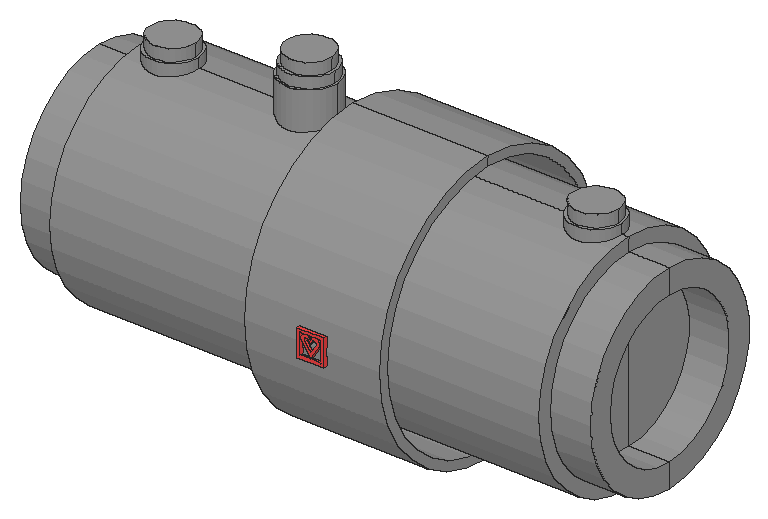
Revit family "Systemtrenner 0307 IG-IG", category Rohrzubehör, Revit 2021
Family settings
  Bemaßung runder Anschluss = Durchmesser verwenden
  Teiletyp = Unterbricht
  OmniClass-Nummer = 23.65.55.14
  OmniClass-Titel = Valves for Liquid Services
  Arbeitsebenenbasiert = Nein
  Immer vertikal = Ja
  Beim Laden mit Abzugskörper schneiden = Nein
  Gemeinsam genutzt = Nein
Parameters (values of type "IG-IG DN50-DN50")
  Vorgabe-Ansicht = 0.000 mm
  URL = "www.herz-armaturen.at"
  SCTWSEQ = "AW;SBT_TYP_AW=\"104\";2"
  SCTWCODE = "04;12;02"  # constant formula
  S03 = 15.000 mm  # constant formula
  S02 = 45.000 mm  # constant formula
  S01 = 98.000 mm  # constant formula
  Nennweite Ein [instance] = if(IG_IG_DN40_DN40, 40.000 mm, if(IG_IG_DN40_DN50, 40.000 mm, if(IG_IG_DN50_DN40, 50.000 mm, if(IG_IG_DN50_DN50, 50.000 mm, 0.000 mm))))  # 50.000 mm
  Nennweite Aus [instance] = if(IG_IG_DN40_DN40, 40.000 mm, if(IG_IG_DN40_DN50, 50.000 mm, if(IG_IG_DN50_DN40, 40.000 mm, if(IG_IG_DN50_DN50, 50.000 mm, 0.000 mm))))  # 50.000 mm
  Medium = "Wasser (ohne Dampf)"
  Max. Betriebstemperatur (Kurzzeitig) = 80 °C  # constant formula
  Max. Betriebstemperatur = 65 °C  # constant formula
  Max. Betriebsdruck = 1000000.0 Pa  # constant formula
  L08 = 45.000 mm  # constant formula
  L07 = 24.500 mm  # constant formula
  L06 = 70.000 mm  # constant formula
  L05 = 28.000 mm  # constant formula
  L04 = 13.500 mm  # constant formula
  L03 = 84.500 mm  # constant formula
  L02 = 18.000 mm  # constant formula
  L01 = 190.000 mm  # constant formula
  Hinweis = "Gemäß Art 33 der REACH-Verordnung (EG Nr. 1907/2006) sind wir verpflichtet, darauf hinzuweisen, dass der Stoff Blei auf der SVHC-Liste geführt wird und dass alle aus Messing bestehenden Bauteile, die in unseren Erzeugnissen verarbeitet sind, mehr als 0,1 % (w/w) Blei (CAS: 7439-92-1 / EINECS: 231-100-4) enthalten.\r\nDa Blei als Legierungsbestandteil fest gebunden ist, sind keine Expositionen zu erwarten und daher sind keine zusätzlichen Angaben zur sicheren Verwendung notwendig."
  Hersteller = "HERZ Armaturen Ges.m.b.H."  # constant formula
  Gehäuse = "Edelstahl"  # constant formula
  Einbaulage = "waagrecht oder senkrecht nach unten zeigend"  # constant formula
  D04 [instance] = if(IG_IG_DN40_DN40, 28.000 mm, if(IG_IG_DN40_DN50, 33.000 mm, if(IG_IG_DN50_DN40, 28.000 mm, if(IG_IG_DN50_DN50, 33.000 mm, 0.000 mm))))  # 33.000 mm
  D03 [instance] = if(IG_IG_DN40_DN40, 28.000 mm, if(IG_IG_DN40_DN50, 28.000 mm, if(IG_IG_DN50_DN40, 33.000 mm, if(IG_IG_DN50_DN50, 33.000 mm, 0.000 mm))))  # 33.000 mm
  D02 = 45.000 mm  # constant formula
  D01 = 37.500 mm  # constant formula
  Bestellnummer [instance] = if(IG_IG_DN40_DN40, "I030701", if(IG_IG_DN40_DN50, "I030709", if(IG_IG_DN50_DN40, "I030713", if(IG_IG_DN50_DN50, "I030705", "0"))))  # "I030705"
  Ausführung = "Der Systemtrenner wurde nach der Norm DIN EN 1717 entwickelt.\r\nLaut dieser Norm ist die Wasserqualität je nach Grad der Verschmutzung in 5 Klassen eingeteilt.\r\nDer Systemtrenner Typ BA erlaubt eine Absicherung gegen Nichttrinkwasser bis zur Gefahrenklasse 4, der höchsten Gefahrenklasse, die mit einer Armatur abgesichert werden kann.\r\nEine niedrigere Absicherung eines Standrohres als mit einem Systemtrenner BA nach DIN EN 1717 entspricht nicht mehr dem Stand der Technik und führt damit bei einem Schadensfall zur Haftpflicht des Betreibers eines solchen Standrohres.\r\nDie Funktionseinheit ist als einteilige Kartusche mit groß bemessenem Steuerkolben und druckstoßgedämpftem Ablassventilsystem ausgebildet.\r\nGewindeanschlüsse sind untereinander austauschbar, wodurch 16 mögliche Anschlussvarianten (Eingangs- und Ausgangsseite erhältlich in 1 1/2” Innen- oder Außengewinde alternativ in 2” Innen- oder Außengewinde)."
  Anwendung = "Der Systemtrenner ist eine kostengünstige Lösung zum Nachrüsten von Standrohren mit der nach DIN EN 1717 zwingend vorgeschriebenen Sicherungsarmatur gegen Rücksaugen, Rückfließen oder Rückdrücken von Nichttrinkwasser in die Trinkwasserleitung.\r\nDer Systemtrenner ist für den waagerechten Einbau geeignet.\r\nEr kann auch senkrecht montiert werden aber nach unten zeigend.\r\nFür den Einbau in eine Steigleitung ist er nicht zulässig."
  IG_IG_DN50_DN50 = yes
  IG_IG_DN50_DN40 = no
  IG_IG_DN40_DN50 = no
  IG_IG_DN40_DN40 = no
  IG Ein [instance] = Nennweite Ein / 2  # 25.000 mm
  IG Aus [instance] = Nennweite Aus / 2  # 25.000 mm
Types (5, lengths in mm): name | Nennweite Ein | Nennweite Aus | D04 | D03 | Bestellnummer | IG_IG_DN50_DN50 | IG_IG_DN50_DN40 | IG_IG_DN40_DN50 | IG_IG_DN40_DN40 | IG Ein | IG Aus
  (no name) | 50.000 | 50.000 | 33.000 | 33.000 | "I030705" | yes | no | no | no | 25.000 | 25.000
  IG-IG DN40-DN50 | 40.000 | 50.000 | 33.000 | 28.000 | "I030709" | no | no | yes | no | 20.000 | 25.000
  IG-IG DN40-DN40 | 40.000 | 40.000 | 28.000 | 28.000 | "I030701" | no | no | no | yes | 20.000 | 20.000
  IG-IG DN50-DN50 | 50.000 | 50.000 | 33.000 | 33.000 | "I030705" | yes | no | no | no | 25.000 | 25.000
  IG-IG DN50-DN40 | 50.000 | 40.000 | 28.000 | 33.000 | "I030713" | no | yes | no | no | 25.000 | 20.000
Reference planes
  plane 1 "Mitte (Vorne/hinten)": y = 0
  plane 2: z = 0
  plane 3 "Mitte (Links/rechts)": x = 0
Forms (mm)
  Revolve 1, solid, material "Messing, weicher Gelbton, geschweißt", detail levels fine
    sketch origin (0, 0, 0) x (1, 0, 0) y (0, 0, 1)
      loop
        line (81.5, 0) -> (81.5, 25) -> (95, 25) -> (95, 33) -> (81.5, 33) -> (81.5, 37.5) -> (-81.5, 37.5) -> (-81.5, 33) -> (-95, 33) -> (-95, 25) -> (-81.5, 25) -> (-81.5, 0) -> (81.5, 0)
      axis (-95, 0) -> (95, 0)
    angle from 0 to 360
  Revolve 2, solid, material "Acetalharz, Schwarz", detail levels fine
    sketch origin (0, 0, 0) x (1, 0, 0) y (0, 0, 1)
      loop
        line (-10.5, 0) -> (1.5, 0) -> (1.5, 42) -> (34.5, 42) -> (34.5, 45) -> (-10.5, 45) -> (-10.5, 0)
      axis (-10.5, 0) -> (34.5, 0)
    angle from 0 to 360
  Extrusion 3, solid, material "Messing, weicher Gelbton, geschweißt", detail levels fine
    sketch origin (0, 0, 0) x (1, 0, 0) y (0, 1, 0)
      loop
        circle (-70.5, 0) r 8.5
      loop
        circle (70.5, 0) r 8.5
    from 0 to 40.5
  Extrusion 4, solid, material "Acetalharz, Schwarz", detail levels fine
    sketch origin (0, 0, 0) x (1, 0, 0) y (0, 1, 0)
      loop
        circle (-70.5, 0) r 7.5
      loop
        circle (70.5, 0) r 7.5
    from 40.5 to 44.5
  Extrusion 5, solid, material "Messing, weicher Gelbton, geschweißt", detail levels fine
    sketch origin (0, 0, 0) x (1, 0, 0) y (0, 1, 0)
      loop
        circle (-25, 0) r 9.3
    from 0 to 49
  Extrusion 6, solid, material "Messing, weicher Gelbton, geschweißt", detail levels fine
    sketch origin (0, 0, 0) x (1, 0, 0) y (0, 1, 0)
      loop
        circle (-25, 0) r 8.5
    from 49 to 52.5
  Extrusion 7, solid, material "Acetalharz, Schwarz", visible <- "IG_IG_DN40_DN50", detail levels fine
    sketch origin (0, 0, 0) x (1, 0, 0) y (0, 1, 0)
      loop
        circle (-25, 0) r 7.5
    from 52.5 to 56.5
  Extrusion 8, solid, material "Acetalharz, Schwarz", visible <- "IG_IG_DN40_DN40", detail levels fine
    sketch origin (0, 0, 0) x (1, 0, 0) y (0, 1, 0)
      loop
        circle (-25, 0) r 7.5
    from 52.5 to 56.4
  Extrusion 9, solid, material "Acetalharz, Schwarz", visible <- "IG_IG_DN50_DN50", detail levels fine
    sketch origin (0, 0, 0) x (1, 0, 0) y (0, 1, 0)
      loop
        circle (-25, 0) r 7.5
    from 52.5 to 56.3
  Extrusion 10, solid, material "Acetalharz, Schwarz", visible <- "IG_IG_DN50_DN40", detail levels fine
    sketch origin (0, 0, 0) x (1, 0, 0) y (0, 1, 0)
      loop
        circle (-25, 0) r 7.5
    from 52.5 to 56.2
Lines and regions (mm)
  model lines, detail levels coarse+medium
    curve 1: line (-95, 0, 37.5) -> (95, 0, 37.5)
    curve 2: line (-95, 0, -37.5) -> (-95, 0, 37.5)
    curve 3: line (95, 0, -37.5) -> (-95, 0, -37.5)
    curve 4: line (95, 0, 37.5) -> (95, 0, -37.5)
    curve 5: line (-95, 0, -22.5) -> (-50, 0, -22.5)
    curve 6: line (-3, 0, -22.5) -> (95, 0, -22.5)
    curve 7: line (-95, 0, 22.5) -> (-50, 0, 22.5)
    curve 8: line (-3, 0, 22.5) -> (95, 0, 22.5)
    curve 9: line (-95, 37.5, 0) -> (95, 37.5, 0)
    curve 10: line (-95, -37.5, 0) -> (-95, 37.5, 0)
    curve 11: line (95, -37.5, 0) -> (-95, -37.5, 0)
    curve 12: line (95, 37.5, 0) -> (95, -37.5, 0)
    curve 13: line (-95, 22.5, 0) -> (-50, 22.5, 0)
    curve 14: line (-3, 22.5, 0) -> (95, 22.5, 0)
    curve 15: line (-95, -22.5, 0) -> (-50, -22.5, 0)
    curve 16: line (-3, -22.5, 0) -> (95, -22.5, 0)
Dimensions and locks
  equal spacing: curve 4, plane 3 "Mitte (Links/rechts)", curve 2
  "L01": curve 4 to curve 2
  "D01": curve 1 to plane 2 to curve 3
  "S03": curve 5 to curve 3
  "S03": curve 1 to curve 7
  "S03": curve 1 to curve 8
  "S03": curve 6 to curve 3
  "S02": curve 5 to curve 2
  "S02": curve 7 to curve 2
  "S01": curve 8 to curve 4
  "S01": curve 6 to curve 4
  equal spacing: curve 10, plane 3 "Mitte (Links/rechts)", curve 12
  "L01": curve 10 to curve 12
  "D01": curve 11 to plane 1 "Mitte (Vorne/hinten)" to curve 9
  "S03": curve 13 to curve 9
  "S03": curve 11 to curve 15
  "S03": curve 14 to curve 9
  "S03": curve 11 to curve 16
  "S01": curve 14 to curve 12
  "S01": curve 16 to curve 12
  "S02": curve 10 to curve 15
  "S02": curve 10 to curve 13
  "D02": Revolve 2 sketch curve to Revolve 2 sketch curve
  equal spacing: Revolve 2, nested 1, Revolve 2
  "D02": nested 1 to plane 1 "Mitte (Vorne/hinten)"
  "IG Ein": Revolve 1 sketch curve to plane 2
  "D03": Revolve 1 sketch curve to plane 2
  "D01": Revolve 1 sketch curve to plane 2
  "L03": Revolve 1 to Revolve 2 sketch curve
  "L07": Revolve 1 to Extrusion 3 sketch curve
  "L07": Revolve 1 to Extrusion 4 sketch curve
  "L06": Revolve 1 to Extrusion 5 sketch curve
  "L06": Revolve 1 to Extrusion 6 sketch curve
  "L06": Revolve 1 to Extrusion 10 sketch curve
  "L06": Revolve 1 to Extrusion 9 sketch curve
  "L06": Revolve 1 to Extrusion 8 sketch curve
  "L06": Revolve 1 to Extrusion 7 sketch curve
  "L08": Revolve 2 sketch curve to Revolve 2 sketch curve
  "IG Aus": Revolve 1 sketch curve to Revolve 1 sketch curve
  "D04": Revolve 1 sketch curve to Revolve 1 sketch curve
  "L01": Revolve 1 sketch curve to Revolve 1 sketch curve
  equal spacing: Revolve 1 sketch curve, plane 3 "Mitte (Links/rechts)", Revolve 1 sketch curve
  "L07": Extrusion 3 sketch curve to Revolve 1
  "L07": Extrusion 4 sketch curve to Revolve 1
  "L04": Revolve 1 sketch curve to Revolve 1 sketch curve  (x2)
  aligned and locked: level to plane 2
Automatic sketch dimensions
  Revolve 1 sketch curve to level = 0.000 mm  (x2)
  Revolve 1 sketch curve to Revolve 1 sketch curve = 0.000 mm
  Revolve 1 sketch curve to Revolve 1 sketch curve = 13.500 mm
  Revolve 1 sketch curve to Revolve 1 sketch curve = 1408.530 mm
  Revolve 1 sketch curve to Revolve 1 sketch curve = 1741.148 mm
  Revolve 2 sketch curve to level = 0.000 mm  (x2)
  plane 3 "Mitte (Links/rechts)" to Revolve 2 sketch curve = 1.500 mm
  Revolve 2 sketch curve to Revolve 2 sketch curve = 3.000 mm
  Revolve 2 sketch curve to Revolve 2 sketch curve = 1496.030 mm
  Revolve 2 sketch curve to Revolve 2 sketch curve = 1804.648 mm
  plane 1 "Mitte (Vorne/hinten)" to Extrusion 3 sketch curve = 0.000 mm  (x2)
  plane 1 "Mitte (Vorne/hinten)" to Extrusion 4 sketch curve = 0.000 mm  (x2)
  plane 1 "Mitte (Vorne/hinten)" to Extrusion 5 sketch curve = 0.000 mm
  plane 1 "Mitte (Vorne/hinten)" to Extrusion 6 sketch curve = 0.000 mm
  plane 1 "Mitte (Vorne/hinten)" to Extrusion 7 sketch curve = 0.000 mm
  plane 1 "Mitte (Vorne/hinten)" to Extrusion 8 sketch curve = 0.000 mm
  plane 1 "Mitte (Vorne/hinten)" to Extrusion 9 sketch curve = 0.000 mm
  plane 1 "Mitte (Vorne/hinten)" to Extrusion 10 sketch curve = 0.000 mm
  radius of Extrusion 3 sketch curve = 8.500 mm  (x2)
  radius of Extrusion 4 sketch curve = 7.500 mm  (x2)
  radius of Extrusion 5 sketch curve = 9.300 mm
  radius of Extrusion 6 sketch curve = 8.500 mm
  radius of Extrusion 7 sketch curve = 7.500 mm
  radius of Extrusion 8 sketch curve = 7.500 mm
  radius of Extrusion 9 sketch curve = 7.500 mm
  radius of Extrusion 10 sketch curve = 7.500 mm
Nested families
  nested 1: "Herz-Logo-vorne" at (12, -45, 0) x (0, 1, 0) z (0, 0, 1), type "Herz-Logo-vorne", detail levels fine
Connectors
  piping at (-81.5, 0, 0), diameter 50, driven by "Nennweite Ein"
    settings: on Revolve 1, index 1, connector inside diameter 609.6 mm, connector length 0.000 mm, flow factor 0, pipe flow 0.0 L/s, pressure drop 0.0 Pa, fitting loss kfactor 0, connector angle 0.00°, fixture units 0, engagement length 0.000 mm, angle of deflection 0.00°, flow configuration 0, flow direction 1, fitting loss method 0, system type 29, joint type 0, gender type 0, connector reference index -1, connector utility 0, adjustable connector no, is connector primary yes, connector description ""
  piping at (81.5, 0, 0), diameter 50, driven by "Nennweite Aus"
    settings: on Revolve 1, index 2, connector inside diameter 609.6 mm, connector length 0.000 mm, flow factor 0, pipe flow 0.0 L/s, pressure drop 0.0 Pa, fitting loss kfactor 0, connector angle 0.00°, fixture units 0, engagement length 0.000 mm, angle of deflection 0.00°, flow configuration 0, flow direction 2, fitting loss method 0, system type 29, joint type 0, gender type 0, connector reference index -1, connector utility 0, adjustable connector no, is connector primary no, connector description ""
Definition of nested family "Herz-Logo-vorne"
  Parameters (values of type "Herz-Logo-vorne")
    Default Elevation = 0.000 mm
  Reference planes
    plane 1 "Mitte (Vorne/hinten)": y = 0
    plane 2: z = 0
    plane 3 "Mitte (Links/rechts)": x = 0
  Forms (mm)
    Extrusion 1, solid
      sketch origin (0.732, -0.018, 0.017) x (0, -1, 0) y (0, 0, 1)
        loop
          line (-0.018, -4.517) -> (4.482, -4.517) -> (4.482, 4.483) -> (-4.518, 4.483) -> (-4.518, -4.517) -> (-0.018, -4.517)
        loop
          line (-0.05, -3.48) -> (3.482, -3.48) -> (3.482, 3.483) -> (-3.518, 3.483) -> (-3.518, -3.48) -> (-0.05, -3.48)
        loop
          arc (-0.018, 2.383) -> (-1.543, 3.287) -> (-3.067, 2.383) r 1.738
          arc (-3.067, 2.383) -> (-3.191, 1.899) -> (-3.067, 1.415) r 1.009
          line (-3.067, 1.415) -> (-0.018, -3.281) -> (3.032, 1.415)
          arc (3.032, 1.415) -> (3.156, 1.899) -> (3.032, 2.383) r 1.009
          arc (3.032, 2.383) -> (1.507, 3.287) -> (-0.018, 2.383) r 1.738
        loop
          arc (1.885, 1.272) -> (2.005, 1.675) -> (1.885, 2.079) r 0.74
          arc (1.885, 2.079) -> (1.265, 2.416) -> (0.644, 2.079) r 0.74
          line (0.644, 2.079) -> (-0.018, 0.97) -> (-0.679, 2.079)
          arc (-0.679, 2.079) -> (-1.3, 2.416) -> (-1.921, 2.079) r 0.74
          arc (-1.921, 2.079) -> (-2.04, 1.675) -> (-1.921, 1.272) r 0.74
          line (-1.921, 1.272) -> (-0.018, -1.658) -> (1.885, 1.272)
      from 0 to 1.5
  Dimensions and locks
    aligned and locked: level to plane 2
